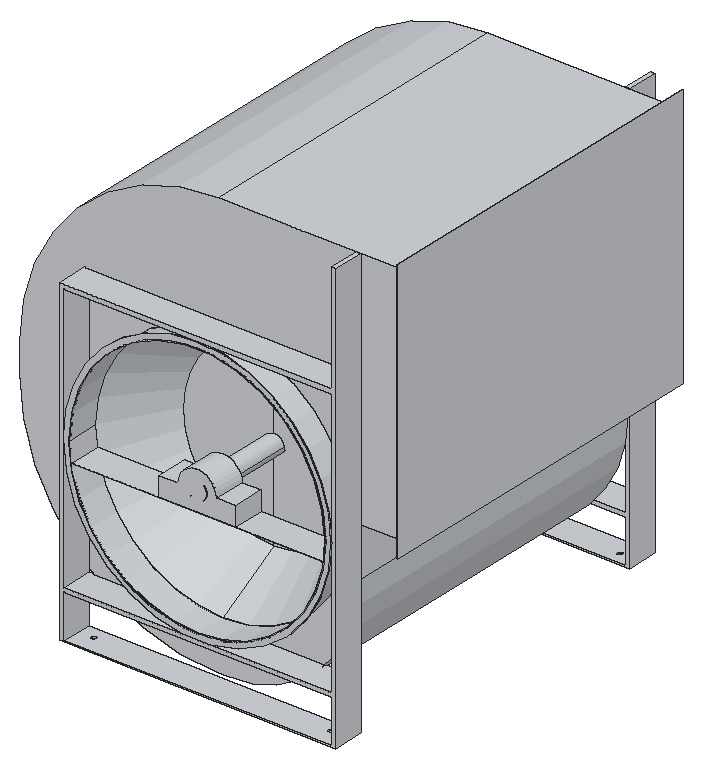
Revit family "CAF_DWDI_CCW_THD", category Mechanical Equipment, Revit 2019 (continued)
Types (59): name | V+(D-(A+.25"))/2 | V | U-N | U | T/2 | T | SCROLL2 | S/2 | S | R/2 | R | P | N | M | L | K/2 | K | J | INLET/4 | INLET/2 | INLET | H-J | H | G-(R/2) | G-(INLET/2)-1.625" | G+(INLET/2)+1.625" | G | F-((D-A-.25")/2) | F | E/2 | E | D/2 | D | C/2 | C+C | C | BOTTOM | B/2 | B+.25" | B | A/2 | A+.25" | A | D/7 | Type Comments | -P | -(B+.25")/2 | (M-(B+.25")/2 | (INLET/2)-.125" | (INLET/2)+1.625" | (INLET/2)+1.5" | (D-(A+.25"))/2 | (B+.25")/2 | (A+.25")/2 | ((M+U+U+N+N)-((B+.25")/2))/2
  165_CAF-DWDI_CCW_THD_CLASS_3 | 1 15/16" | 1" | 1 9/16" | 8 1/16" | 13 3/16" | 26 3/8" | 12 1/8" | 9 3/4" | 19 1/2" | 12 1/8" | 24 1/4" | 38 5/16" | 6 1/2" | 30 1/8" | 15 1/16" | 15/32" | 15/16" | 14 3/8" | 5 19/64" | 10 19/32" | 21 3/16" | 13 1/8" | 27 1/2" | 1 7/16" | 1 15/32" | 25 21/32" | 13 9/16" | 31 1/8" | 32 1/16" | 13 1/16" | 26 1/8" | 9 17/32" | 19 1/16" | 1 3/32" | 4 3/8" | 2 3/16" | 7 3/16" | 12" | 24 1/4" | 24" | 8 15/32" | 17 3/16" | 16 15/16" | 2.00658" | "Centrifugal Airfoil Blower Counter_Clockwise Top Horizontal Arrangement 3 Low Profile Class 3" | -38 5/16" | -12 1/8" | 2 15/16" | 10 15/32" | 12 3/32" | 12 1/32" | 15/16" | 12 1/8" | 8 19/32" | 4 1/2"
  180_CAF-DWDI_CCW_THD_CLASS_3 | 2" | 1" | 1 9/16" | 8 1/16" | 14 7/32" | 28 7/16" | 13 3/8" | 10 1/2" | 21" | 13 1/8" | 26 1/4" | 40 3/8" | 6 1/2" | 32 3/16" | 16 1/8" | 15/32" | 15/16" | 15 11/16" | 5 43/64" | 11 11/32" | 22 11/16" | 14 5/16" | 30" | 1 5/8" | 1 29/32" | 27 19/32" | 14 3/4" | 33 15/16" | 34 15/16" | 14 3/32" | 28 3/16" | 10 3/8" | 20 3/4" | 1 3/32" | 4 3/8" | 2 3/16" | 7 27/32" | 13 1/32" | 26 5/16" | 26 1/16" | 9 1/4" | 18 3/4" | 18 1/2" | 2.18421" | "Centrifugal Airfoil Blower Counter_Clockwise Top Horizontal Arrangement 3 Low Profile Class 3" | -40 3/8" | -13 5/32" | 2 15/16" | 11 7/32" | 12 27/32" | 12 25/32" | 1" | 13 5/32" | 9 3/8" | 4 1/2"
  195_CAF-DWDI_CCW_THD_CLASS_3 | 2 15/16" | 1" | 1 9/16" | 8 1/16" | 15 21/32" | 31 5/16" | 14 1/4" | 11 1/8" | 22 1/4" | 13 21/32" | 27 5/16" | 42 3/4" | 6 1/2" | 34 9/16" | 17 5/16" | 15/32" | 15/16" | 17" | 6 3/64" | 12 3/32" | 24 3/16" | 15 7/16" | 32 7/16" | 2 7/32" | 2 9/32" | 29 15/32" | 15 7/8" | 36 5/8" | 38 9/16" | 16 9/32" | 32 9/16" | 11 13/16" | 23 5/8" | 1 3/32" | 4 3/8" | 2 3/16" | 8 1/2" | 14 7/32" | 28 11/16" | 28 7/16" | 9 3/4" | 19 3/4" | 19 1/2" | 2.48684" | "Centrifugal Airfoil Blower Counter_Clockwise Top Horizontal Arrangement 3 Low Profile Class 3" | -42 3/4" | -14 11/32" | 2 15/16" | 11 31/32" | 13 19/32" | 13 17/32" | 1 15/16" | 14 11/32" | 9 7/8" | 4 1/2"
  210_CAF-DWDI_CCW_THD_CLASS_3 | 2 15/16" | 1" | 1 9/16" | 8 9/16" | 16 5/8" | 33 1/4" | 15" | 11 7/8" | 23 3/4" | 14 1/2" | 29" | 45 3/16" | 7" | 36 1/2" | 18 1/4" | 15/32" | 15/16" | 18 5/16" | 6 31/64" | 12 31/32" | 25 15/16" | 16 5/8" | 34 15/16" | 2 1/2" | 2 17/32" | 31 15/32" | 17" | 39 3/8" | 41 5/16" | 17 1/4" | 34 1/2" | 12 7/8" | 25 3/4" | 1 3/32" | 4 3/8" | 2 3/16" | 9 5/32" | 15 3/16" | 30 5/8" | 30 3/8" | 10 13/16" | 21 7/8" | 21 5/8" | 2.71053" | "Centrifugal Airfoil Blower Counter_Clockwise Top Horizontal Arrangement 3 Low Profile Class 3" | -45 3/16" | -15 5/16" | 2 15/16" | 12 27/32" | 14 15/32" | 14 13/32" | 1 15/16" | 15 5/16" | 10 15/16" | 4 1/2"
  225_CAF-DWDI_CCW_THD_CLASS_3 | 3" | 1" | 1 9/16" | 8 9/16" | 17 11/16" | 35 3/8" | 15 7/8" | 12 3/4" | 25 1/2" | 15 9/32" | 30 9/16" | 47 5/16" | 7" | 38 5/8" | 19 5/16" | 15/32" | 15/16" | 19 9/16" | 6 55/64" | 13 23/32" | 27 7/16" | 17 7/8" | 37 7/16" | 2 29/32" | 2 31/32" | 33 13/32" | 18 3/16" | 42 1/8" | 44 1/8" | 18 11/32" | 36 11/16" | 13 23/32" | 27 7/16" | 1 3/32" | 4 3/8" | 2 3/16" | 9 25/32" | 16 1/4" | 32 3/4" | 32 1/2" | 11 19/32" | 23 7/16" | 23 3/16" | 2.88816" | "Centrifugal Airfoil Blower Counter_Clockwise Top Horizontal Arrangement 3 Low Profile Class 3" | -47 5/16" | -16 3/8" | 2 15/16" | 13 19/32" | 15 7/32" | 15 5/32" | 2" | 16 3/8" | 11 23/32" | 4 1/2"
  245_CAF-DWDI_CCW_THD_CLASS_3 | 3" | 1" | 9/16" | 7 9/16" | 19 9/32" | 38 9/16" | 16 7/8" | 13 9/16" | 27 1/8" | 16 15/32" | 32 15/16" | 50 13/16" | 7" | 43 3/16" | 21 5/8" | 17/32" | 1 1/16" | 21 5/16" | 7 23/64" | 14 23/32" | 29 7/16" | 19 3/8" | 40 11/16" | 3 7/32" | 3 15/32" | 35 29/32" | 19 11/16" | 45 3/4" | 47 3/4" | 19 5/8" | 39 1/4" | 14 7/8" | 29 3/4" | 1 7/32" | 4 7/8" | 2 7/16" | 10 21/32" | 17 17/32" | 35 5/16" | 35 1/16" | 12 3/4" | 25 3/4" | 25 1/2" | 3.13158" | "Centrifugal Airfoil Blower Counter_Clockwise Top Horizontal Arrangement 3 Low Profile Class 3" | -50 13/16" | -17 21/32" | 3 15/16" | 14 19/32" | 16 7/32" | 16 5/32" | 2" | 17 21/32" | 12 7/8" | 4 1/2"
  270_CAF-DWDI_CCW_THD_CLASS_3 | 3" | 1" | 9/16" | 7 11/16" | 21 15/32" | 42 15/16" | 18 3/4" | 14 15/16" | 29 7/8" | 17 27/32" | 35 11/16" | 55 5/16" | 7 1/8" | 47 9/16" | 23 13/16" | 17/32" | 1 1/16" | 23 1/2" | 7 63/64" | 15 31/32" | 31 15/16" | 21 5/16" | 44 13/16" | 3 25/32" | 4 5/32" | 39 3/32" | 21 5/8" | 50 5/16" | 52 5/16" | 21 13/16" | 43 5/8" | 15 7/8" | 31 3/4" | 1 7/32" | 4 7/8" | 2 7/16" | 11 3/4" | 19 23/32" | 39 11/16" | 39 7/16" | 13 3/4" | 27 3/4" | 27 1/2" | 3.34211" | "Centrifugal Airfoil Blower Counter_Clockwise Top Horizontal Arrangement 3 Low Profile Class 3" | -55 5/16" | -19 27/32" | 3 15/16" | 15 27/32" | 17 15/32" | 17 13/32" | 2" | 19 27/32" | 13 7/8" | 4 1/2"
  300_CAF-DWDI_CCW_THD_CLASS_3 | 3" | 1" | 5/8" | 7 3/4" | 23 1/4" | 46 1/2" | 20 1/4" | 16 7/16" | 32 7/8" | 19 11/32" | 38 11/16" | 58 7/8" | 7 1/8" | 51 1/8" | 25 9/16" | 17/32" | 1 1/16" | 26 1/16" | 8 47/64" | 17 15/32" | 34 15/16" | 23 11/16" | 49 3/4" | 4 17/32" | 4 29/32" | 42 27/32" | 23 7/8" | 55 3/4" | 57 3/4" | 23 19/32" | 47 3/16" | 17 23/32" | 35 7/16" | 1 7/32" | 4 7/8" | 2 7/16" | 13 1/32" | 21 1/2" | 43 1/4" | 43" | 15 19/32" | 31 7/16" | 31 3/16" | 3.73026" | "Centrifugal Airfoil Blower Counter_Clockwise Top Horizontal Arrangement 3 Low Profile Class 3" | -58 7/8" | -21 5/8" | 3 15/16" | 17 11/32" | 18 31/32" | 18 29/32" | 2" | 21 5/8" | 15 23/32" | 4 9/16"
  330_CAF-DWDI_CCW_THD_CLASS_3 | 3 1/16" | 1" | -3/8" | 6 3/4" | 25 7/8" | 51 3/4" | 20 25/32" | 17 5/8" | 35 1/4" | 21 1/8" | 42 1/4" | 64" | 7 1/8" | 57 1/4" | 28 5/8" | 17/32" | 1 1/16" | 28 11/16" | 9 31/64" | 18 31/32" | 37 15/16" | 26 1/16" | 54 3/4" | 5 1/16" | 5 23/32" | 46 21/32" | 26 3/16" | 61 3/16" | 63 1/4" | 25 21/32" | 51 5/16" | 19 7/16" | 38 7/8" | 1 7/32" | 4 7/8" | 2 7/16" | 14 11/32" | 23 17/32" | 47 5/16" | 47 1/16" | 17 1/4" | 34 3/4" | 34 1/2" | 4.09211" | "Centrifugal Airfoil Blower Counter_Clockwise Top Horizontal Arrangement 3 Low Profile Class 3" | -64" | -23 21/32" | 4 31/32" | 18 27/32" | 20 15/32" | 20 13/32" | 2 1/16" | 23 21/32" | 17 3/8" | 4 19/32"
  365_CAF-DWDI_CCW_THD_CLASS_3 | 3 9/16" | 1" | 1/8" | 7 3/4" | 28 7/16" | 56 7/8" | 22 21/32" | 19 1/2" | 39" | 23" | 46" | 70 1/8" | 7 5/8" | 62 3/8" | 31 3/16" | 17/32" | 1 1/16" | 31 3/4" | 10 23/64" | 20 23/32" | 41 7/16" | 28 3/4" | 60 1/2" | 5 7/8" | 6 21/32" | 51 3/32" | 28 7/8" | 67 5/8" | 70 3/16" | 28 23/32" | 57 7/16" | 22 1/32" | 44 1/16" | 1 15/32" | 5 7/8" | 2 15/16" | 15 7/8" | 26 3/32" | 52 7/16" | 52 3/16" | 19 11/32" | 38 15/16" | 38 11/16" | 4.63816" | "Centrifugal Airfoil Blower Counter_Clockwise Top Horizontal Arrangement 3 Low Profile Class 3" | -70 1/8" | -26 7/32" | 4 31/32" | 20 19/32" | 22 7/32" | 22 5/32" | 2 9/16" | 26 7/32" | 19 15/32" | 5 3/32"
  402_CAF-DWDI_CCW_THD_CLASS_3 | 4 1/2" | 1 15/16" | 5/8" | 10 3/4" | 31 3/4" | 63 1/2" | 24 27/32" | 21" | 42" | 25 9/32" | 50 9/16" | 80 3/4" | 10 1/8" | 70" | 35" | 17/32" | 1 1/16" | 34 15/16" | 11 19/64" | 22 19/32" | 45 3/16" | 31 11/16" | 66 5/8" | 6 13/32" | 7 19/32" | 55 25/32" | 31 11/16" | 74 5/16" | 76 7/8" | 31 17/32" | 63 1/16" | 23 9/16" | 47 1/8" | 1 23/32" | 6 7/8" | 3 7/16" | 17 15/32" | 28 29/32" | 58 1/16" | 57 13/16" | 20 7/8" | 42" | 41 3/4" | 4.96053" | "Centrifugal Airfoil Blower Counter_Clockwise Top Horizontal Arrangement 3 Low Profile Class 3" | -80 3/4" | -29 1/32" | 5 31/32" | 22 15/32" | 24 3/32" | 24 1/32" | 2 9/16" | 29 1/32" | 21" | 6 19/32"
  445_CAF-DWDI_CCW_THD_CLASS_3 | 4 1/2" | 1 15/16" | 5/8" | 10 3/4" | 35" | 70" | 26 31/32" | 23 1/8" | 46 1/4" | 27 13/32" | 54 13/16" | 87 1/4" | 10 1/8" | 76 1/2" | 38 1/4" | 17/32" | 1 1/16" | 38 11/16" | 12 23/64" | 24 23/32" | 49 7/16" | 35 1/16" | 73 3/4" | 7 17/32" | 8 23/32" | 61 5/32" | 34 15/16" | 82 3/16" | 84 3/4" | 34 25/32" | 69 9/16" | 25 21/32" | 51 5/16" | 1 23/32" | 6 7/8" | 3 7/16" | 19 11/32" | 32 1/8" | 64 1/2" | 64 1/4" | 22 31/32" | 46 3/16" | 45 15/16" | 5.40132" | "Centrifugal Airfoil Blower Counter_Clockwise Top Horizontal Arrangement 3 Low Profile Class 3" | -87 1/4" | -32 1/4" | 6" | 24 19/32" | 26 7/32" | 26 5/32" | 2 9/16" | 32 1/4" | 23 3/32" | 6 5/8"
  490_CAF-DWDI_CCW_THD_CLASS_3 | 4 1/2" | 1 15/16" | -1 3/8" | 12 1/8" | 38 7/16" | 76 7/8" | 29 11/32" | 25" | 50" | 30" | 60" | 98 1/2" | 13 1/2" | 86 3/8" | 43 3/16" | 17/32" | 1 1/16" | 42 5/8" | 13 3/4" | 27 1/2" | 55" | 38 1/2" | 81 1/8" | 8 3/8" | 9 3/8" | 67 3/8" | 38 3/8" | 90 3/8" | 92 15/16" | 37 23/32" | 75 7/16" | 28 3/16" | 56 3/8" | 1 31/32" | 7 7/8" | 3 15/16" | 21 5/16" | 35 1/16" | 70 3/8" | 70 1/8" | 25 1/2" | 51 1/4" | 51" | 5.93421" | "Centrifugal Airfoil Blower Counter_Clockwise Top Horizontal Arrangement 3 Low Profile Class 3" | -98 1/2" | -35 3/16" | 8" | 27 3/8" | 29" | 28 15/16" | 2 9/16" | 35 3/16" | 25 5/8" | 6 5/8"
  540_CAF-DWDI_CCW_THD_CLASS_3 | 4 9/16" | 1 15/16" | 5/8" | 16 3/8" | 42 13/32" | 84 13/16" | 31 27/32" | 27 1/2" | 55" | 32 1/2" | 65" | 110 11/16" | 15 3/4" | 94 5/16" | 47 1/8" | 19/32" | 1 3/16" | 47" | 15" | 30" | 60" | 42 7/16" | 89 7/16" | 9 13/16" | 10 13/16" | 73 13/16" | 42 5/16" | 99 9/16" | 102 3/16" | 41 11/16" | 83 3/8" | 30 5/8" | 61 1/4" | 2 7/32" | 8 7/8" | 4 7/16" | 23 1/2" | 38 31/32" | 78 3/16" | 77 15/16" | 27 7/8" | 56" | 55 3/4" | 6.44737" | "Centrifugal Airfoil Blower Counter_Clockwise Top Horizontal Arrangement 3 Low Profile Class 3" | -110 11/16" | -39 3/32" | 8 1/16" | 29 7/8" | 31 1/2" | 31 7/16" | 2 5/8" | 39 3/32" | 28" | 8 11/16"
  600_CAF-DWDI_CCW_THD_CLASS_3 | 5 19/32" | 2 15/16" | 1/8" | 16" | 46 9/16" | 93 1/8" | 35" | 30 1/2" | 61" | 35 1/2" | 71" | 118 5/8" | 15 7/8" | 102 5/8" | 51 5/16" | 19/32" | 1 3/16" | 52 3/16" | 16 1/2" | 33" | 66" | 47 1/8" | 99 5/16" | 11 1/2" | 12 1/2" | 81 1/2" | 47" | 110 19/32" | 113 1/4" | 45 27/32" | 91 11/16" | 33 7/8" | 67 3/4" | 2 15/32" | 9 7/8" | 4 15/16" | 26 3/32" | 43 1/8" | 86 1/2" | 86 1/4" | 31 3/32" | 62 7/16" | 62 3/16" | 7.13158" | "Centrifugal Airfoil Blower Counter_Clockwise Top Horizontal Arrangement 3 Low Profile Class 3" | -118 5/8" | -43 1/4" | 8 1/16" | 32 7/8" | 34 1/2" | 34 7/16" | 2 21/32" | 43 1/4" | 31 7/32" | 8 3/16"
